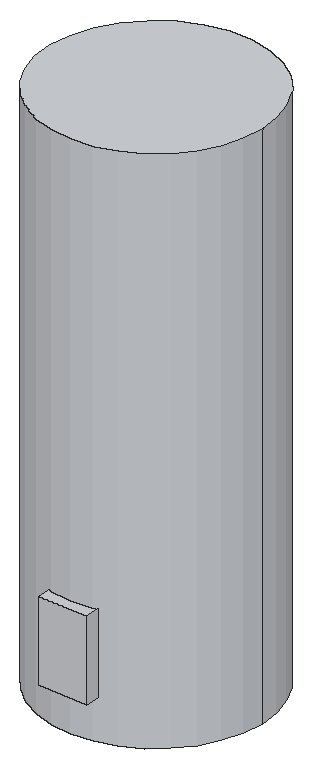
Revit family
Parameters
  Label = "HWC"
  Diameter = 610.00 mm
  Height = 1525.00 mm
Reference planes
  plane 1: y = 0
  plane 2: z = 0
  plane 3: x = 0
Forms (mm)
  Extrusion 1, solid
    sketch origin (0, 0, 0) x (1, 0, 0) y (0, 1, 0)
      loop
        circle (0, 0) r 305
    from 0 to 1525
  Extrusion 2, solid
    sketch origin (0, 0, 0) x (1, 0, 0) y (0, 1, 0)
      loop
        line (-69.718, -274.403) -> (-69.718, -334.403) -> (70.282, -334.403) -> (70.282, -274.403) -> (-69.718, -274.403)
    from 113.258 to 341.258
Lines and regions (mm)
  Masking region 1
    outline origin (0, 0, 0) x (1, 0, 0) y (0, 1, 0)
      loop
        circle (0, 0.129) r 304.95
  symbolic lines, detail levels medium+fine
    curve 1: line (-69.718, -296.745, 0) -> (-69.718, -334.403, 0)
    curve 2: line (-69.718, -334.403, 0) -> (70.282, -334.403, 0)
    curve 3: line (70.282, -334.403, 0) -> (70.282, -296.611, 0)
Dimensions and locks
  "Height": Extrusion 1 to plane 2
  "Diameter": Extrusion 1 sketch curve to Extrusion 1 sketch curve
  aligned and locked: plane 3 to nested 1
  aligned: curve 3 to Extrusion 2
Automatic sketch dimensions
  Extrusion 1 sketch curve to plane 1 = 0.00 mm
  Extrusion 1 sketch curve to plane 3 = 0.00 mm
  Masking region 1 sketch curve to plane 3 = 0.00 mm
  Masking region 1 sketch curve to plane 1 = 0.129 mm
  Extrusion 2 sketch curve to plane 3 = 69.718 mm
  plane 3 to Extrusion 2 sketch curve = 70.282 mm
  plane 1 to Extrusion 2 sketch curve = 334.403 mm
  Extrusion 2 sketch curve to Extrusion 2 sketch curve = 60.00 mm
  curve 1 to plane 3 = 69.718 mm
  plane 3 to curve 3 = 70.282 mm
  plane 1 to curve 1 = 334.403 mm
  curve 1 to curve 1 = 37.659 mm
  curve 2 to curve 3 = 37.792 mm
  radius of Masking region 1 sketch curve = 304.95 mm
Nested families
  nested 1: "Label Annotation (M)" at (0, -7.5, 0), type "Label Annotation"
Definition of nested family "Label Annotation (M)"
  Parameters
    Label = ""
  Reference planes
    plane 1: y = 0
    plane 2: x = 0
  Text (mm)
    label "Label" at (0.007, 0.129, 0), shows "Label"
